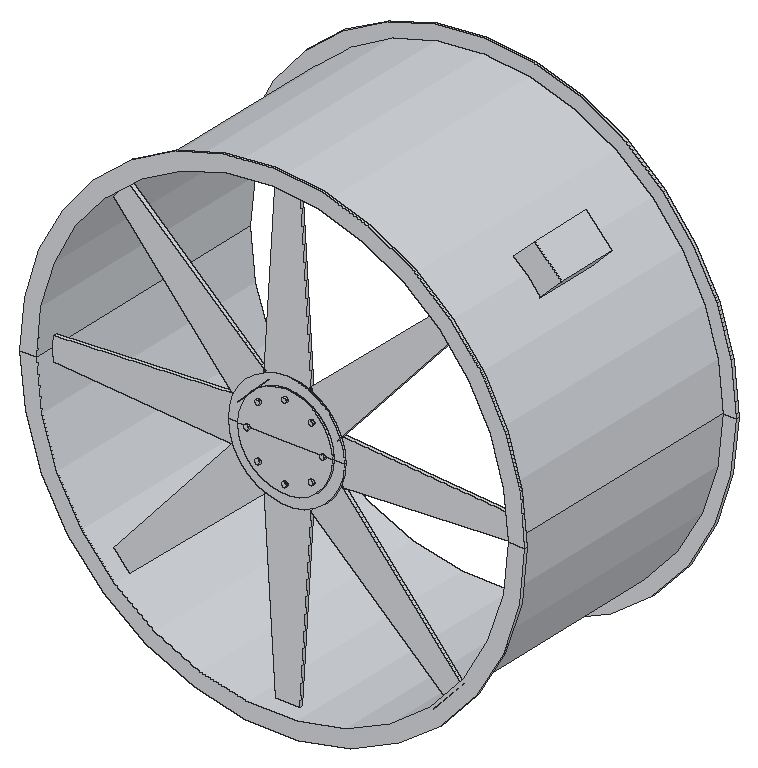
Revit family "CADS_Vent-Axia_MechEquip_Fan_LCA_1000_3Ph4P - SUPPLY", category Mechanical Equipment, Revit 2020
Family settings
  Round Connector Dimension = Use Diameter
  Part Type = Normal
  OmniClass Number = 23.75.00.00
  OmniClass Title = Climate Control (HVAC)
  Work Plane-Based = No
  Always vertical = Yes
  Cut with Voids When Loaded = No
  Shared = No
  Room Calculation Point = No
Parameters (values of type "LCA1003410")
  nr = NominalDiameter / 2  # 500 mm
  WorkingPressure = 0.0 Pa
  WarrantyStartDate [instance] = "1900-12-31T23:59:59"
  WarrantyPeriod = ""
  WarrantyIdentifier = "N/A"
  WarrantyGuarantorParts = "tech@vent-axia.com"
  WarrantyGuarantorLabor = "tech@vent-axia.com"
  WarrantyGuarantor = "Vent-Axia Limited"
  WarrantyEndDate [instance] = "1900-12-31T23:59:59"
  WarrantyContent = ""
  TemperatureRange = ""
  TagNumber [instance] = "N/A"
  SustainabilityPerformance = ""
  Status = "New"
  Size = ""
  Shape = ""
  ServiceLifeType = ""
  ServiceLifeDuration = ""
  SerialNumber [instance] = "N/A"
  ReplacementCost = ""
  RatedVoltage = 0 V
  RatedCurrent = 0 A
  Quantity = 1
  ProductionYear = ""
  PressureCurve = ""
  PowerFactor = ""
  PointOfContact = ""
  NumberOfPoles = 0
  NominalWidth = 1000 mm
  NominalLength = 565 mm
  NominalHeight = 1000 mm
  NominalFrequencyRange = ""
  NominalDiameter = 1000 mm
  ModelReference = "LCAX 1000mm 3PH 4P 10DEG"
  ModelNumber = "LCA1003410"
  Material = ""
  ManufacturerE-Mail = "tech@vent-axia.com"
  ManufacturerAddress = "Fleming Way\nCrawley \nRH10 9YX"
  IsExtendedWarranty = no
  InsulationStandardClass = ""
  InstallationDate [instance] = "1900-12-31T23:59:59"
  IfcExportType [instance] = ""
  IfcExportAs = "IfcFanType"
  IP_Code = ""
  HasProtectiveEarth = no
  GrossWeight = 0.00 kg
  Grade = ""
  GlobalTradeItemNumber [instance] = "N/A"
  Fitting Type = "Ignore"
  Finish = ""
  Features = ""
  ExteriorInsulation = no
  ExpectedServiceLife = 0
  Exclusions = ""
  DurationUnit = "Year"
  Default Elevation = 0 mm
  Constituents = ""
  ConductorFunction = ""
  Color = ""
  CodePerformance = ""
  Category = ""
  CADS_Usage = 0
  CADS_Index = 0
  AssetType = "FIXED"
  AssetIdentifier [instance] = "N/A"
  AssemblyPlace = "UNKNOWN"
  ArticleNumber [instance] = "N/A"
  AirflowRateRange = 0.0 L/s
  Air Flow [instance] = 0.0 L/s
  AccessibilityPerformance = ""
Types (15, lengths in mm): name | NominalLength | ModelReference | ModelNumber
  LCA1003410 | 565 | "LCAX 1000mm 3PH 4P 10DEG" | "LCA1003410"
  LCA1003412 | 565 | "LCAX 1000mm 3PH 4P 12DEG" | "LCA1003412"
  LCA1003414 | 565 | "LCAX 1000mm 3PH 4P 14DEG" | "LCA1003414"
  LCA1003416 | 565 | "LCAX 1000mm 3PH 4P 16DEG" | "LCA1003416"
  LCA1003418 | 565 | "LCAX 1000mm 3PH 4P 18DEG" | "LCA1003418"
  LCA1003420 | 565 | "LCAX 1000mm 3PH 4P 20DEG" | "LCA1003420"
  LCA1003422 | 565 | "LCAX 1000mm 3PH 4P 22DEG" | "LCA1003422"
  LCA1003424 | 700 | "LCAX 1000mm 3PH 4P 24DEG" | "LCA1003424"
  LCA1003426 | 700 | "LCAX 1000mm 3PH 4P 26DEG" | "LCA1003426"
  LCA1003428 | 700 | "LCAX 1000mm 3PH 4P 28DEG" | "LCA1003428"
  LCA1003430 | 700 | "LCAX 1000mm 3PH 4P 30DEG" | "LCA1003430"
  LCA1003434 | 790 | "LCAX 1000mm 3PH 4P 34DEG" | "LCA1003434"
  LCA1003436 | 790 | "LCAX 1000mm 3PH 4P 36DEG" | "LCA1003436"
  LCA1003438 | 790 | "LCAX 1000mm 3PH 4P 38DEG" | "LCA1003438"
  LCA1003440 | 790 | "LCAX 1000mm 3PH 4P 40DEG" | "LCA1003440"
Reference planes
  plane 1 "Center (Front/Back)": y = 0
  plane 2: z = 0
  plane 3 "Center (Left/Right)": x = 0
  plane 4: x = -500
  plane 5: x = 500
  plane 6 "F": y = -282.5
  plane 7 "B": y = 282.5
  plane 8: x = -535
  plane 9: y = 277.5
  plane 10: y = -277.5
  plane 11: x = -505
  plane 12: y = -242.5
  plane 13 "top": z = 500
  plane 14: z = -500
  plane 15 "45deg": through (0, -1524, 0) normal (-0.7071, 0, -0.7071)
  plane 16 "C": through (0, -1524, 0) normal (-0.7071, 0, 0.7071)
Forms (mm)
  Revolve 1, solid
    sketch origin (0, 0, 0) x (1, 0, 0) y (0, 1, 0)
      loop
        line (-535, -282.5) -> (-500, -282.5) -> (-500, 282.5) -> (-535, 282.5) -> (-535, 277.5) -> (-505, 277.5) -> (-505, -277.5) -> (-535, -277.5) -> (-535, -282.5)
      axis (0, 282.5) -> (0, -282.5)
    angle from 0 to 360
  Sweep 2, solid
    path origin (0, 0, 0) x (1, 0, 0) y (0, 0, 1)
      loop
        line (353.553, 353.553) -> (399.515, 399.515)
    profile origin (376.534, 0, 376.534) x (-0.707107, 0, 0.707107) y (0, -1, 0)
      loop
        line (37.5, 55) -> (-42.73, 55) -> (-42.73, -79.5) -> (37.5, -79.5) -> (37.5, 55)
Dimensions and locks
  equal spacing: plane 4, plane 3 "Center (Left/Right)", plane 5
  equal spacing: plane 7 "B", plane 1 "Center (Front/Back)", plane 6 "F"
  "NominalLength": plane 7 "B" to plane 6 "F"
  "NominalDiameter": plane 4 to plane 5
  locked: plane 11 to plane 4 at 5
  locked: plane 8 to plane 11 at 30
  locked: plane 6 "F" to plane 10 at 5
  locked: plane 7 "B" to plane 9 at 5
  locked: plane 6 "F" to plane 12 at 40
  equal spacing: plane 13 "top", level, plane 14
  "NominalDiameter": plane 13 "top" to plane 14
  "nr": Sweep 2 sketch curve to nested 13
  Sweep 2 sketch curve to Sweep 2 sketch curve = 65 mm
  aligned and locked: level to plane 2
  aligned and locked: nested 1 to plane 12
Automatic sketch dimensions
  plane 6 "F" to Revolve 1 sketch curve = 0 mm
  Revolve 1 sketch curve to plane 8 = 0 mm  (x2)
  plane 10 to Revolve 1 sketch curve = 0 mm
  Revolve 1 sketch curve to plane 11 = 0 mm
  Revolve 1 sketch curve to plane 4 = 0 mm
  Revolve 1 sketch curve to plane 3 "Center (Left/Right)" = 0 mm
  plane 1 "Center (Front/Back)" to Revolve 1 sketch curve = 0 mm
  Revolve 1 sketch curve to plane 9 = 0 mm
  Revolve 1 sketch curve to plane 7 "B" = 0 mm
  plane 6 "F" to Revolve 1 sketch curve = 115 mm
  plane 1 "Center (Front/Back)" to Sweep 2 sketch curve = 55 mm
  Sweep 2 sketch curve to profile plane = 37.5 mm
  Sweep 2 sketch curve to Sweep 2 sketch curve = 80.23 mm
  Sweep 2 sketch curve to Sweep 2 sketch curve = 134.5 mm
  Sweep 2 sketch curve to plane 16 "C" = 0 mm  (x2)
Nested families
  nested 1: "Fan for ESC" at (0, -242.5, 0), ND <- "NominalDiameter", type "Fan for ESC"
    with hub 100 mm, ND 1000 mm, BoltPCD 80 mm, Bolt Count 8, B_Diam 10 mm
  nested 2: "Bolts" at (0, -251.672, -80) x (-1, 0, 0) z (0, 1, 0), type "Bolts"
    with bd 10 mm
  nested 3: "Bolts" at (-56.569, -251.672, -56.569) x (-0.7071, 0, 0.7071) z (0, 1, 0), type "Bolts"
    with bd 10 mm
  nested 4: "Bolts" at (-80, -251.672, 0) x (0, 0, 1) z (0, 1, 0), type "Bolts"
    with bd 10 mm
  nested 5: "Bolts" at (-56.569, -251.672, 56.569) x (0.7071, 0, 0.7071) z (0, 1, 0), type "Bolts"
    with bd 10 mm
  nested 6: "Bolts" at (56.569, -251.672, 56.569) x (0.7071, 0, -0.7071) z (0, 1, 0), type "Bolts"
    with bd 10 mm
  nested 7: "Bolts" at (0, -251.672, 80) x (1, 0, 0) z (0, 1, 0), type "Bolts"
    with bd 10 mm
  nested 8: "ESC Blade" at (0, -242.5, 0), type "ESC Blade"
    with a 20.00°, HR 100 mm, HD 200 mm, BT 50 mm, BR 400 mm, BH 40 mm, BD 1000 mm, BB 100 mm
  nested 9: "ESC Blade" at (0, -242.5, 0) x (0.7071, 0, -0.7071) z (0.7071, 0, 0.7071), type "ESC Blade"
    with a 20.00°, HR 100 mm, HD 200 mm, BT 50 mm, BR 400 mm, BH 40 mm, BD 1000 mm, BB 100 mm
  nested 10: "ESC Blade" at (0, -242.5, 0) x (0, 0, -1) z (1, 0, 0), type "ESC Blade"
    with a 20.00°, HR 100 mm, HD 200 mm, BT 50 mm, BR 400 mm, BH 40 mm, BD 1000 mm, BB 100 mm
  nested 11: "ESC Blade" at (0, -242.5, 0) x (-0.7071, 0, -0.7071) z (0.7071, 0, -0.7071), type "ESC Blade"
    with a 20.00°, HR 100 mm, HD 200 mm, BT 50 mm, BR 400 mm, BH 40 mm, BD 1000 mm, BB 100 mm
  nested 12: "ESC Blade" at (0, -242.5, 0) x (-1, 0, 0) z (0, 0, -1), type "ESC Blade"
    with a 20.00°, HR 100 mm, HD 200 mm, BT 50 mm, BR 400 mm, BH 40 mm, BD 1000 mm, BB 100 mm
  nested 13: "ESC Blade" at (0, -242.5, 0) x (-0.7071, 0, -0.7071) z (-0.7071, 0, 0.7071), type "ESC Blade"
    with a 20.00°, HR 100 mm, HD 200 mm, BT 50 mm, BR 400 mm, BH 40 mm, BD 1000 mm, BB 100 mm
  nested 14: "ESC Blade" at (0, -242.5, 0) x (0, 0, -1) z (-1, 0, 0), type "ESC Blade"
    with a 20.00°, HR 100 mm, HD 200 mm, BT 50 mm, BR 400 mm, BH 40 mm, BD 1000 mm, BB 100 mm
  nested 15: "ESC Blade" at (0, -242.5, 0) x (0.7071, 0, -0.7071) z (-0.7071, 0, -0.7071), type "ESC Blade"
    with a 20.00°, HR 100 mm, HD 200 mm, BT 50 mm, BR 400 mm, BH 40 mm, BD 1000 mm, BB 100 mm
  nested 16: "Bolts" at (80, -251.672, 0) x (0, 0, -1) z (0, 1, 0), type "Bolts"
    with bd 10 mm
  nested 17: "Bolts" at (56.569, -251.672, -56.569) x (-0.7071, 0, -0.7071) z (0, 1, 0), type "Bolts"
    with bd 10 mm
Connectors
  hvac at (0, -282.5, 0), driven by "NominalDiameter", driven by "Air Flow"
    settings: on Revolve 1, index 1, duct flow 0.0 L/s, flow factor 0, pres drop 0.0 Pa, loss coef 0, conn angle 0.00°, conn width 304.8 mm, conn height 304.8 mm, conn diameter 1000 mm, duct sys type 1, conn prof type 0, flow config 1, flow direction 1, loss method 0, conn ref index -1, conn util no, is conn primary yes, conn desc ""
  hvac at (0, 282.5, 0), driven by "NominalDiameter", driven by "Air Flow"
    settings: on Revolve 1, index 2, duct flow 0.0 L/s, flow factor 0, pres drop 0.0 Pa, loss coef 0, conn angle 0.00°, conn width 304.8 mm, conn height 304.8 mm, conn diameter 1000 mm, duct sys type 1, conn prof type 0, flow config 0, flow direction 2, loss method 0, conn ref index -1, conn util no, is conn primary no, conn desc ""
Definition of nested family "Fan for ESC"
  Parameters (values of type "Fan for ESC")
    hub [instance] = ND / 10  # 56.7 mm
    ND [instance] = 567 mm
    Model = "."
    Default Elevation = 0 mm
    BoltPCD [instance] = hub - (hub * 0.2)  # 45.36 mm
    Bolt Count [instance] = if(hub < 50 mm, 6, 8)  # 8
    B_Diam [instance] = if(hub < 50 mm, 5 mm, 10 mm)  # 10 mm
  Reference planes
    plane 1 "Center (Front/Back)": y = 0
    plane 2: z = 0
    plane 3 "Center (Left/Right)": x = 0
    plane 4 "back": y = 20
    plane 5 "bolts": y = -9.172
    plane 6 "B": z = 56.7
    plane 7: x = -79.287
    plane 8: x = -56.7
    plane 9 "hubface": y = -6.172
  Forms (mm)
    Revolve 1, solid
      sketch origin (0, 0, 0) x (1, 0, 0) y (0, 1, 0)
        loop
          line (0, 20) -> (-56.7, 20) -> (-56.7, 10.504) -> (-79.287, 10.504) -> (-79.287, -2.597) -> (-56.7, -2.597) -> (-56.7, -6.172) -> (0, -6.172) -> (0, 20)
        axis (0, 20) -> (0, -6.172)
      angle from 0 to 360
    Extrusion 2, solid, not visible
      sketch origin (0, -6.347, -4) x (-1, 0, 0) y (0, 0, 1)
        loop
          circle (0, 84) r 5
      from 0 to 3
  Lines and regions (mm)
    symbolic lines
      curve 1: circle (0, -9.172, 0) r 45.36 normal (0, 1, 0)
    model lines, not visible
      curve 2: line (0, -6.347, 85) -> (0, -6.347, 75)
  Dimensions and locks
    "hub": plane 6 "B" to plane 2
    "hub": nested 3 to plane 3 "Center (Left/Right)"
    "hub": nested 4 to plane 3 "Center (Left/Right)"
    "hub": nested 5 to plane 3 "Center (Left/Right)"
    "hub": plane 3 "Center (Left/Right)" to nested 6
    "hub": Revolve 1 sketch curve to Revolve 1 sketch curve
    "hub": plane 3 "Center (Left/Right)" to nested 7
    "hub": plane 3 "Center (Left/Right)" to nested 8
    "hub": plane 3 "Center (Left/Right)" to nested 9
    "hub": plane 8 to plane 3 "Center (Left/Right)"
    plane 7 to plane 8 = 22.587 mm
    diameter of Extrusion 2 sketch curve = 10 mm
    "BoltPCD": radius of curve 1
    "BoltPCD": radius of radial array
    aligned and locked: level to plane 2
    aligned and locked: plane 6 "B" to nested 1
  Automatic sketch dimensions
    Revolve 1 sketch curve to plane 7 = 0 mm
    Revolve 1 sketch curve to plane 8 = 0 mm  (x2)
    Revolve 1 sketch curve to plane 3 "Center (Left/Right)" = 0 mm
    Revolve 1 sketch curve to plane 9 "hubface" = 0 mm
    plane 4 "back" to Revolve 1 sketch curve = 0 mm
    plane 1 "Center (Front/Back)" to Revolve 1 sketch curve = 2.597 mm
    plane 4 "back" to Revolve 1 sketch curve = 9.496 mm
    Revolve 1 sketch curve to Revolve 1 sketch curve = 5 mm
    Revolve 1 sketch curve to plane 4 "back" = 45 mm
    curve 1 to level = 0 mm
    curve 1 to plane 3 "Center (Left/Right)" = 0 mm
  Nested families
    nested 1: "ESC Blade" at (0, 0, 0), BD <- "ND", HD <- "hub", type "ESC Blade"
      with a 20.00°, HR 56.7 mm, HD 113.4 mm, BT 28.35 mm, BR 226.8 mm, BH 40 mm, BD 567 mm, BB 56.7 mm
    nested 2: "ESC Blade" at (0, 0, 755), BD <- "ND", HD <- "hub", type "ESC Blade", not visible
      with a 20.00°, HR 56.7 mm, HD 113.4 mm, BT 28.35 mm, BR 226.8 mm, BH 40 mm, BD 567 mm, BB 56.7 mm
    nested 3: "ESC Blade" at (0, 0, 0) x (0.7071, 0, -0.7071) z (0.7071, 0, 0.7071), BD <- "ND", HD <- "hub", type "ESC Blade"
      with a 20.00°, HR 56.7 mm, HD 113.4 mm, BT 28.35 mm, BR 226.8 mm, BH 40 mm, BD 567 mm, BB 56.7 mm
    nested 4: "ESC Blade" at (0, 0, 0) x (0, 0, -1) z (1, 0, 0), BD <- "ND", HD <- "hub", type "ESC Blade"
      with a 20.00°, HR 56.7 mm, HD 113.4 mm, BT 28.35 mm, BR 226.8 mm, BH 40 mm, BD 567 mm, BB 56.7 mm
    nested 5: "ESC Blade" at (0, 0, 0) x (-0.7071, 0, -0.7071) z (0.7071, 0, -0.7071), BD <- "ND", HD <- "hub", type "ESC Blade"
      with a 20.00°, HR 56.7 mm, HD 113.4 mm, BT 28.35 mm, BR 226.8 mm, BH 40 mm, BD 567 mm, BB 56.7 mm
    nested 6: "ESC Blade" at (0, 0, 0) x (-1, 0, 0) z (0, 0, -1), BD <- "ND", HD <- "hub", type "ESC Blade"
      with a 20.00°, HR 56.7 mm, HD 113.4 mm, BT 28.35 mm, BR 226.8 mm, BH 40 mm, BD 567 mm, BB 56.7 mm
    nested 7: "ESC Blade" at (0, 0, 0) x (-0.7071, 0, -0.7071) z (-0.7071, 0, 0.7071), BD <- "ND", HD <- "hub", type "ESC Blade"
      with a 20.00°, HR 56.7 mm, HD 113.4 mm, BT 28.35 mm, BR 226.8 mm, BH 40 mm, BD 567 mm, BB 56.7 mm
    nested 8: "ESC Blade" at (0, 0, 0) x (0, 0, -1) z (-1, 0, 0), BD <- "ND", HD <- "hub", type "ESC Blade"
      with a 20.00°, HR 56.7 mm, HD 113.4 mm, BT 28.35 mm, BR 226.8 mm, BH 40 mm, BD 567 mm, BB 56.7 mm
    nested 9: "ESC Blade" at (0, 0, 0) x (0.7071, 0, -0.7071) z (-0.7071, 0, -0.7071), BD <- "ND", HD <- "hub", type "ESC Blade"
      with a 20.00°, HR 56.7 mm, HD 113.4 mm, BT 28.35 mm, BR 226.8 mm, BH 40 mm, BD 567 mm, BB 56.7 mm
    nested 10: "Bolts" at (0, -9.172, 45.36) x (1, 0, 0) z (0, 1, 0), bd <- "B_Diam", type "Bolts"
      with bd 10 mm
    nested 11: "Bolts" at (32.074, -9.172, 32.074) x (0.7071, 0, -0.7071) z (0, 1, 0), bd <- "B_Diam", type "Bolts"
      with bd 10 mm
    nested 12: "Bolts" at (-32.074, -9.172, 32.074) x (0.7071, 0, 0.7071) z (0, 1, 0), bd <- "B_Diam", type "Bolts"
      with bd 10 mm
    nested 13: "Bolts" at (-45.36, -9.172, 0) x (0, 0, 1) z (0, 1, 0), bd <- "B_Diam", type "Bolts"
      with bd 10 mm
    nested 14: "Bolts" at (-32.074, -9.172, -32.074) x (-0.7071, 0, 0.7071) z (0, 1, 0), bd <- "B_Diam", type "Bolts"
      with bd 10 mm
    nested 15: "Bolts" at (0, -9.172, -45.36) x (-1, 0, 0) z (0, 1, 0), bd <- "B_Diam", type "Bolts"
      with bd 10 mm
    nested 16: "Bolts" at (32.074, -9.172, -32.074) x (-0.7071, 0, -0.7071) z (0, 1, 0), bd <- "B_Diam", type "Bolts"
      with bd 10 mm
    nested 17: "Bolts" at (45.36, -9.172, 0) x (0, 0, -1) z (0, 1, 0), bd <- "B_Diam", type "Bolts"
      with bd 10 mm
  Definition of nested family "ESC Blade"
    Parameters (values of type "ESC Blade")
      a [instance] = 20.00°
      HR [instance] = HD / 2  # 30 mm
      HD [instance] = BD / 5  # 60 mm
      Default Elevation = 1219.2 mm
      BT [instance] = BD / 20  # 15 mm
      BR [instance] = (BD / 2) - HR  # 120 mm
      BH [instance] = 40 mm
      BD [instance] = 300 mm
      BB [instance] = BD / 10  # 30 mm
    Reference planes
      plane 1 "Center (Front/Back)": y = 0
      plane 2: z = 0
      plane 3 "Center (Left/Right)": x = 0
      plane 4 "Blade Bot": z = 30
      plane 5: x = -15
      plane 6: x = 15
      plane 7: x = -7.5
      plane 8: x = 7.5
    Forms (mm)
      Blend 1, solid
        base sketch origin (0, 0, 30) x (-1, 0, 0) y (0, -1, 0)
          loop
            line (15, 0) -> (-15, 0) -> (-15, -6) -> (15, -6) -> (15, 0)
        top sketch origin (0, 0, 30) x (-1, 0, 0) y (0, -1, 0)
          loop
            line (7.5, -6) -> (7.5, 0) -> (-7.5, 0) -> (-7.5, -6) -> (7.5, -6)
        from 0 to 120 <- "BR"
    Dimensions and locks
      "HR": plane 4 "Blade Bot" to level
      equal spacing: plane 8, plane 3 "Center (Left/Right)", plane 7
      "BT": plane 8 to plane 7
      equal spacing: plane 6, plane 3 "Center (Left/Right)", plane 5
      "BB": plane 6 to plane 5
      aligned and locked: level to plane 2
    Automatic sketch dimensions
      plane 1 "Center (Front/Back)" to Blend 1 sketch curve = 0 mm  (x2)
      Blend 1 sketch curve to plane 6 = 0 mm
      Blend 1 sketch curve to plane 5 = 0 mm
      Blend 1 sketch curve to plane 1 "Center (Front/Back)" = 6 mm  (x2)
      Blend 1 sketch curve to plane 8 = 0 mm
      Blend 1 sketch curve to plane 7 = 0 mm
  Definition of nested family "Bolts"
    Parameters
      bd [instance] = 10 mm
      Default Elevation = 1219.2 mm
    Reference planes
      plane 1 "Center (Front/Back)": y = 0
      plane 2: z = 0
      plane 3 "Center (Left/Right)": x = 0
    Forms (mm)
      Extrusion 1, solid
        sketch origin (0, 0, 0) x (1, 0, 0) y (0, 1, 0)
          loop
            line (-1219.2, 1219.2) -> (-1219.2, -1219.2) -> (1219.2, -1219.2) -> (1219.2, 1219.2) -> (-1219.2, 1219.2)
        from 0 to -304.8
      Extrusion 2, solid
        sketch origin (0, 0, 0) x (1, 0, 0) y (0, 1, 0)
          loop
            circle (0, 0) r 5
        from 0 to 3
    Dimensions and locks
      "bd": diameter of Extrusion 2 sketch curve
      aligned and locked: plane 2 to Extrusion 1
      aligned and locked: level to Extrusion 1
    Automatic sketch dimensions
      Extrusion 1 sketch curve to Extrusion 1 sketch curve = 2438.4 mm  (x2)
      plane 1 "Center (Front/Back)" to Extrusion 2 sketch curve = 0 mm
      Extrusion 2 sketch curve to plane 3 "Center (Left/Right)" = 0 mm
Definition of nested family "Bolts"
  Parameters
    bd [instance] = 10 mm
    Default Elevation = 1219.2 mm
  Reference planes
    plane 1 "Center (Front/Back)": y = 0
    plane 2: z = 0
    plane 3 "Center (Left/Right)": x = 0
  Forms (mm)
    Extrusion 1, solid
      sketch origin (0, 0, 0) x (1, 0, 0) y (0, 1, 0)
        loop
          line (-1219.2, 1219.2) -> (-1219.2, -1219.2) -> (1219.2, -1219.2) -> (1219.2, 1219.2) -> (-1219.2, 1219.2)
      from 0 to -304.8
    Extrusion 2, solid
      sketch origin (0, 0, 0) x (1, 0, 0) y (0, 1, 0)
        loop
          circle (0, 0) r 5
      from 0 to 3
  Dimensions and locks
    "bd": diameter of Extrusion 2 sketch curve
    aligned and locked: plane 2 to Extrusion 1
    aligned and locked: level to Extrusion 1
  Automatic sketch dimensions
    Extrusion 1 sketch curve to Extrusion 1 sketch curve = 2438.4 mm  (x2)
    plane 1 "Center (Front/Back)" to Extrusion 2 sketch curve = 0 mm
    Extrusion 2 sketch curve to plane 3 "Center (Left/Right)" = 0 mm
Definition of nested family "ESC Blade"
  Parameters (values of type "ESC Blade")
    a [instance] = 20.00°
    HR [instance] = HD / 2  # 30 mm
    HD [instance] = BD / 5  # 60 mm
    Default Elevation = 1219.2 mm
    BT [instance] = BD / 20  # 15 mm
    BR [instance] = (BD / 2) - HR  # 120 mm
    BH [instance] = 40 mm
    BD [instance] = 300 mm
    BB [instance] = BD / 10  # 30 mm
  Reference planes
    plane 1 "Center (Front/Back)": y = 0
    plane 2: z = 0
    plane 3 "Center (Left/Right)": x = 0
    plane 4 "Blade Bot": z = 30
    plane 5: x = -15
    plane 6: x = 15
    plane 7: x = -7.5
    plane 8: x = 7.5
  Forms (mm)
    Blend 1, solid
      base sketch origin (0, 0, 30) x (-1, 0, 0) y (0, -1, 0)
        loop
          line (15, 0) -> (-15, 0) -> (-15, -6) -> (15, -6) -> (15, 0)
      top sketch origin (0, 0, 30) x (-1, 0, 0) y (0, -1, 0)
        loop
          line (7.5, -6) -> (7.5, 0) -> (-7.5, 0) -> (-7.5, -6) -> (7.5, -6)
      from 0 to 120 <- "BR"
  Dimensions and locks
    "HR": plane 4 "Blade Bot" to level
    equal spacing: plane 8, plane 3 "Center (Left/Right)", plane 7
    "BT": plane 8 to plane 7
    equal spacing: plane 6, plane 3 "Center (Left/Right)", plane 5
    "BB": plane 6 to plane 5
    aligned and locked: level to plane 2
  Automatic sketch dimensions
    plane 1 "Center (Front/Back)" to Blend 1 sketch curve = 0 mm  (x2)
    Blend 1 sketch curve to plane 6 = 0 mm
    Blend 1 sketch curve to plane 5 = 0 mm
    Blend 1 sketch curve to plane 1 "Center (Front/Back)" = 6 mm  (x2)
    Blend 1 sketch curve to plane 8 = 0 mm
    Blend 1 sketch curve to plane 7 = 0 mm
